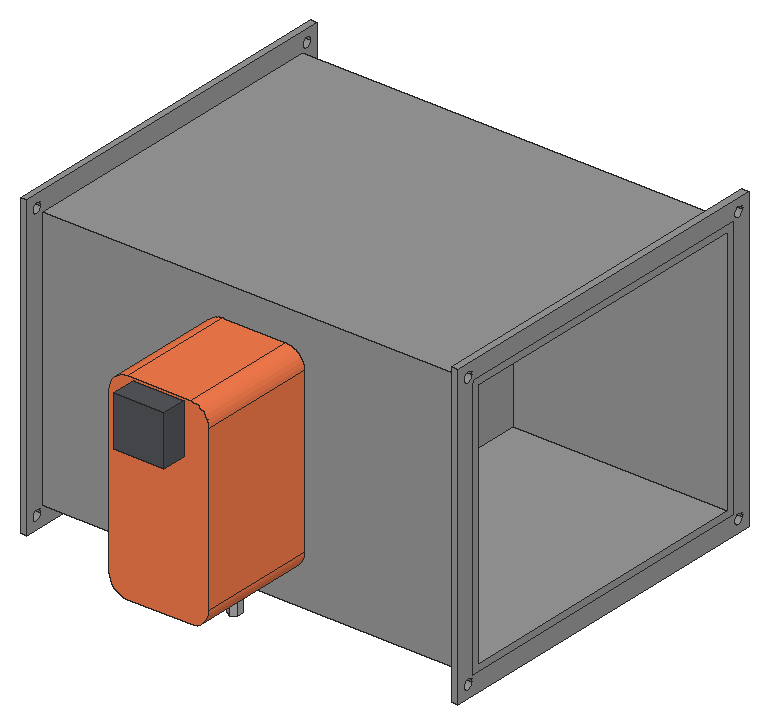
Revit family "КП-2", category Арматура воздуховодов, Revit 2021
Family settings
  Размер круглого соединителя = Использовать диаметр
  Тип детали = Присоединяется
  На основе рабочей плоскости = Нет
  Всегда вертикально = Да
  При загрузке вырезать с полостями = Нет
  Общий = Нет
Parameters (values of type "КП-2-250х200-2-ПВП230Т-СН-1")
  Размещение привода (снаружи) = yes
  Размещение привода (внутри) = no
  Отметка по умолчанию = 0 mm
  Два фланца = yes
  An = A + 10 mm  # 260 mm
  A3 = A / 2  # 125 mm
  A2 = 290 mm
  Вес = "6.2 кг"
  A1 = 270 mm
  Bn = B + 10 mm  # 210 mm
  B3 = B1 / 2  # 110 mm
  B2 = 240 mm
  Voltage = 230 V
  Power = 10 VA
  Maximum Air Flow = 0.0 L/s
  Maintenance zone material = none
  Load Classification = "HVAC"
  Grid Material = Cover Grid Cross
  Casing Material = Металл, окрашенный, белый, матовый RAL 5007
  B1 = 220 mm
  B = 200 mm
  Air Flow [instance] = 0.0 L/s
  A = 250 mm
  09_System_Name [instance] = ""
  00_20_Type = "КП-2-250х200-2-ПВП230Т-СН-1"
  00_20_Name = "Клапан протипожежний вогнезатримувальний"
  00_20_Manufacturer = "Вентс"  # constant formula
Types (22, lengths in mm): name | An | A3 | A2 | Вес | A1 | Bn | B3 | B2 | Power | B1 | B | A | 00_20_Type
  (no name) | 260 | 125 | 290 | "6.2 кг" | 270 | 210 | 110 | 240 | 10 VA | 220 | 200 | 250 | "КП-2-250х200-2-ПВП230Т-СН-1"
  КП-2-200х200-2-ПВП230Т-СН-1 | 210 | 100 | 240 | "5.7 кг" | 220 | 210 | 110 | 240 | 6.5 VA | 220 | 200 | 200 | "КП-2-200х200-2-ПВП230Т-СН-1"
  КП-2-1000х1000-2-ПВП230Т-СН-1 | 1010 | 500 | 1060 | "58 кг" | 1030 | 1010 | 515 | 1060 | 11 VA | 1030 | 1000 | 1000 | "КП-2-1000х1000-2-ПВП230Т-СН-1"
  КП-2-250х200-2-ПВП230Т-СН-1 | 260 | 125 | 290 | "6.2 кг" | 270 | 210 | 110 | 240 | 10 VA | 220 | 200 | 250 | "КП-2-250х200-2-ПВП230Т-СН-1"
  КП-2-250х250-2-ПВП230Т-СН-1 | 260 | 125 | 290 | "6.9 кг" | 270 | 260 | 135 | 290 | 10 VA | 270 | 250 | 250 | "КП-2-250х250-2-ПВП230Т-СН-1"
  КП-2-300х200-2-ПВП230Т-СН-1 | 310 | 150 | 340 | "6.8 кг" | 320 | 210 | 110 | 240 | 10 VA | 220 | 200 | 300 | "КП-2-300х200-2-ПВП230Т-СН-1"
  КП-2-300х250-2-ПВП230Т-СН-1 | 310 | 150 | 340 | "7.5 кг" | 320 | 260 | 135 | 290 | 10 VA | 270 | 250 | 300 | "КП-2-300х250-2-ПВП230Т-СН-1"
  КП-2-300х300-2-ПВП230Т-СН-1 | 310 | 150 | 340 | "9.2 кг" | 320 | 310 | 160 | 340 | 10 VA | 320 | 300 | 300 | "КП-2-300х300-2-ПВП230Т-СН-1"
  КП-2-400х250-2-ПВП230Т-СН-1 | 410 | 200 | 440 | "9 кг" | 420 | 260 | 135 | 290 | 10 VA | 270 | 250 | 400 | "КП-2-400х250-2-ПВП230Т-СН-1"
  КП-2-400х300-2-ПВП230Т-СН-1 | 410 | 200 | 440 | "10.8 кг" | 420 | 310 | 160 | 340 | 10 VA | 320 | 300 | 400 | "КП-2-400х300-2-ПВП230Т-СН-1"
  КП-2-400х400-2-ПВП230Т-СН-1 | 410 | 200 | 440 | "12.6 кг" | 420 | 410 | 210 | 440 | 10 VA | 420 | 400 | 400 | "КП-2-400х400-2-ПВП230Т-СН-1"
  КП-2-500х300-2-ПВП230Т-СН-1 | 510 | 250 | 540 | "12.3 кг" | 520 | 310 | 160 | 340 | 10 VA | 320 | 300 | 500 | "КП-2-500х300-2-ПВП230Т-СН-1"
  КП-2-500х400-2-ПВП230Т-СН-1 | 510 | 250 | 540 | "14.3 кг" | 520 | 410 | 210 | 440 | 10 VA | 420 | 400 | 500 | "КП-2-500х400-2-ПВП230Т-СН-1"
  КП-2-500х500-2-ПВП230Т-СН-1 | 510 | 250 | 560 | "23 кг" | 530 | 510 | 265 | 560 | 10 VA | 530 | 500 | 500 | "КП-2-500х500-2-ПВП230Т-СН-1"
  КП-2-600х400-2-ПВП230Т-СН-1 | 610 | 300 | 640 | "16.2 кг" | 620 | 410 | 210 | 440 | 10 VA | 420 | 400 | 600 | "КП-2-600х400-2-ПВП230Т-СН-1"
  КП-2-600х500-2-ПВП230Т-СН-1 | 610 | 300 | 660 | "25.6 кг" | 630 | 510 | 265 | 560 | 11 VA | 530 | 500 | 600 | "КП-2-600х500-2-ПВП230Т-СН-1"
  КП-2-600х600-2-ПВП230Т-СН-1 | 610 | 300 | 660 | "28.6 кг" | 630 | 610 | 315 | 660 | 11 VA | 630 | 600 | 600 | "КП-2-600х600-2-ПВП230Т-СН-1"
  КП-2-800х500-2-ПВП230Т-СН-1 | 810 | 400 | 860 | "31.3 кг" | 830 | 510 | 265 | 560 | 11 VA | 530 | 500 | 800 | "КП-2-800х500-2-ПВП230Т-СН-1"
  КП-2-800х600-2-ПВП230Т-СН-1 | 810 | 400 | 860 | "34.7 кг" | 830 | 610 | 315 | 660 | 11 VA | 630 | 600 | 800 | "КП-2-800х600-2-ПВП230Т-СН-1"
  КП-2-800х800-2-ПВП230Т-СН-1 | 810 | 400 | 860 | "42 кг" | 830 | 810 | 415 | 860 | 11 VA | 830 | 800 | 800 | "КП-2-800х800-2-ПВП230Т-СН-1"
  КП-2-1000х600-2-ПВП230Т-СН-1 | 1010 | 500 | 1060 | "40.7 кг" | 1030 | 610 | 315 | 660 | 11 VA | 630 | 600 | 1000 | "КП-2-1000х600-2-ПВП230Т-СН-1"
  КП-2-1000х800-2-ПВП230Т-СН-1 | 1010 | 500 | 1060 | "50.2 кг" | 1030 | 810 | 415 | 860 | 11 VA | 830 | 800 | 1000 | "КП-2-1000х800-2-ПВП230Т-СН-1"
Reference planes
  plane 1 "По центру (Вперед/Назад)": y = 0
  plane 2: z = 0
  plane 3 "По центру (Влево/Вправо)": x = 0
  plane 4: z = 110
  plane 5: z = -110
  plane 6: y = 135
  plane 7: y = -135
Forms (mm)
  Extrusion 1, solid, material "Сталь, гальванизированная", visible <- "Два фланца"
    sketch origin (0, 0, 0) x (0, 1, 0) y (0, 0, 1)
      loop
        line (130, -105) -> (130, 105) -> (-130, 105) -> (-130, -105) -> (130, -105)
      loop
        line (145, -120) -> (145, 120) -> (-145, 120) -> (-145, -120) -> (145, -120)
      loop
        circle (135, 110) r 4.25
      loop
        circle (-135, 110) r 4.25
      loop
        circle (-135, -110) r 4.25
      loop
        circle (135, -110) r 4.25
    from 170 to 175
  Extrusion 2, solid, material "Сталь, гальванизированная"
    sketch origin (0, 0, 0) x (0, 1, 0) y (0, 0, 1)
      loop
        line (125, -100) -> (125, 100) -> (-125, 100) -> (-125, -100) -> (125, -100)
      loop
        line (145, -120) -> (145, 120) -> (-145, 120) -> (-145, -120) -> (145, -120)
      loop
        circle (135, -110) r 4.25
      loop
        circle (-135, -110) r 4.25
      loop
        circle (-135, 110) r 4.25
      loop
        circle (135, 110) r 4.25
    from -170 to -175
  Extrusion 3, solid, material "Сталь, гальванизированная"
    sketch origin (0, 0, 0) x (0, 1, 0) y (0, 0, 1)
      loop
        line (125, -100) -> (125, 100) -> (-125, 100) -> (-125, -100) -> (125, -100)
      loop
        line (130, -105) -> (130, 105) -> (-130, 105) -> (-130, -105) -> (130, -105)
    from -170 to 175
  Extrusion 4, solid, material "Сталь, гальванизированная"
    sketch origin (0, 0, 0) x (0, 1, 0) y (0, 0, 1)
      loop
        line (125, -100) -> (125, 100) -> (-125, 100) -> (-125, -100) -> (125, -100)
    from 2.5 to -2.5
Dimensions and locks
  equal spacing: Extrusion 1 sketch curve, level, Extrusion 1 sketch curve  (x2)
  equal spacing: Extrusion 1 sketch curve, plane 1 "По центру (Вперед/Назад)", Extrusion 1 sketch curve  (x2)
  "An": Extrusion 1 sketch curve to Extrusion 1 sketch curve
  "Bn": Extrusion 1 sketch curve to Extrusion 1 sketch curve
  "A2": Extrusion 1 sketch curve to Extrusion 1 sketch curve
  "B2": Extrusion 1 sketch curve to Extrusion 1 sketch curve
  equal spacing: plane 4, level, plane 5
  "B1": plane 4 to plane 5
  equal spacing: plane 6, plane 1 "По центру (Вперед/Назад)", plane 7
  "A1": plane 6 to plane 7
  equal spacing: Extrusion 2 sketch curve, plane 1 "По центру (Вперед/Назад)", Extrusion 2 sketch curve  (x2)
  "A": Extrusion 2 sketch curve to Extrusion 2 sketch curve
  "A2": Extrusion 2 sketch curve to Extrusion 2 sketch curve
  equal spacing: Extrusion 2 sketch curve, level, Extrusion 2 sketch curve  (x2)
  "B": Extrusion 2 sketch curve to Extrusion 2 sketch curve
  "B2": Extrusion 2 sketch curve to Extrusion 2 sketch curve
  equal spacing: Extrusion 3 sketch curve, plane 1 "По центру (Вперед/Назад)", Extrusion 3 sketch curve  (x2)
  "A": Extrusion 3 sketch curve to Extrusion 3 sketch curve
  equal spacing: Extrusion 3 sketch curve, level, Extrusion 3 sketch curve  (x2)
  "B": Extrusion 3 sketch curve to Extrusion 3 sketch curve
  "Bn": Extrusion 3 sketch curve to Extrusion 3 sketch curve
  "An": Extrusion 3 sketch curve to Extrusion 3 sketch curve
  equal spacing: Extrusion 4 sketch curve, plane 1 "По центру (Вперед/Назад)", Extrusion 4 sketch curve
  "A": Extrusion 4 sketch curve to Extrusion 4 sketch curve
  equal spacing: Extrusion 4 sketch curve, level, Extrusion 4 sketch curve
  "B": Extrusion 4 sketch curve to Extrusion 4 sketch curve
  "B3": nested 1 to plane 5
  "B3": plane 4 to nested 2
  "A3": nested 2 to plane 1 "По центру (Вперед/Назад)"
  aligned and locked: level to plane 2
  aligned and locked: Extrusion 3 to Extrusion 2
Automatic sketch dimensions
  Extrusion 1 sketch curve to plane 4 = 0 mm  (x2)
  Extrusion 1 sketch curve to plane 7 = 0 mm  (x2)
  Extrusion 1 sketch curve to plane 5 = 0 mm  (x2)
  Extrusion 1 sketch curve to plane 6 = 0 mm  (x2)
  Extrusion 2 sketch curve to plane 5 = 0 mm  (x2)
  Extrusion 2 sketch curve to plane 7 = 0 mm  (x2)
  Extrusion 2 sketch curve to plane 4 = 0 mm  (x2)
  Extrusion 2 sketch curve to plane 6 = 0 mm  (x2)
  radius of Extrusion 1 sketch curve = 4.25 mm  (x4)
  radius of Extrusion 2 sketch curve = 4.25 mm  (x4)
Nested families
  nested 1: "ADSK_Электропривод" at (0, -130, 0) x (1, 0, 0) z (0, -1, 0), visible <- "Размещение привода (снаружи)", type "BLF"
  nested 2: "ADSK_Электропривод" at (42.5, -10, 0) x (1, 0, 0) z (0, -1, 0), visible <- "Размещение привода (внутри)", type "BLF"
Connectors
  hvac at (175, 0, 0), driven by "A", driven by "B"
    settings: on Extrusion 3, index 1, duct flow 0.0 L/s, flow factor 0, pres drop 0.0 Pa, loss coef 0, conn angle 0.00°, conn width 200 mm, conn height 250 mm, conn diameter 609.6 mm, duct sys type 3, conn prof type 1, flow config 0, flow direction 2, loss method 0, conn ref index -1, conn util no, is conn primary yes, conn desc ""
  hvac at (-175, 0, 0), driven by "A", driven by "B"
    settings: on Extrusion 2, index 2, duct flow 0.0 L/s, flow factor 0, pres drop 0.0 Pa, loss coef 0, conn angle 0.00°, conn width 200 mm, conn height 250 mm, conn diameter 609.6 mm, duct sys type 3, conn prof type 1, flow config 0, flow direction 1, loss method 0, conn ref index -1, conn util no, is conn primary no, conn desc ""
Definition of nested family "ADSK_Электропривод"
  Parameters (values of type "BLF")
    Default Elevation = 1219.2 mm
    Материал корпуса = none
    Материал коробки = none
  Reference planes
    plane 1 "По центру (Вперед/Назад)": y = 0
    plane 2: z = 0
    plane 3 "По центру (Влево/Вправо)": x = 0
  Forms (mm)
    Extrusion 1, solid, material <- "Материал корпуса"
      sketch origin (0, -1.292, 0) x (1, 0, 0) y (0, 1, 0)
        loop
          arc (-25, 81.292) -> (-35.607, 76.899) -> (-40, 66.292) r 15
          line (-40, 66.292) -> (-40, -63.708)
          arc (-40, -63.708) -> (-35.607, -74.314) -> (-25, -78.708) r 15
          line (-25, -78.708) -> (25, -78.708)
          arc (25, -78.708) -> (35.607, -74.314) -> (40, -63.708) r 15
          line (40, -63.708) -> (40, 66.292)
          arc (40, 66.292) -> (35.607, 76.899) -> (25, 81.292) r 15
          line (25, 81.292) -> (-25, 81.292)
      from 0 to 95
    Extrusion 2, solid, material <- "Материал коробки"
      sketch origin (0, -1.292, 105) x (1, 0, 0) y (0, 1, 0)
        loop
          line (-20, 79.66) -> (-20, 39.66) -> (20, 39.66) -> (20, 79.66) -> (-20, 79.66)
      from -10 to 10
    Extrusion 3, solid
      sketch origin (-5, -80, -46.965) x (1, 0, 0) y (0, 0, -1)
        loop
          line (-10, -80) -> (-14.33, -82.5) -> (-14.33, -87.5) -> (-10, -90) -> (-5.67, -87.5) -> (-5.67, -82.5) -> (-10, -80)
      from 0 to -20
    Extrusion 4, solid
      sketch origin (5, -80, -46.965) x (-1, 0, 0) y (0, 0, 1)
        loop
          line (-10, 80) -> (-5.67, 82.5) -> (-5.67, 87.5) -> (-10, 90) -> (-14.33, 87.5) -> (-14.33, 82.5) -> (-10, 80)
      from 0 to -20
    Extrusion 5, solid
      sketch origin (0, 0, 0) x (1, 0, 0) y (0, 1, 0)
        loop
          circle (0, 58.367) r 6
      from 0 to -70
  Dimensions and locks
    equal spacing: Extrusion 1, plane 1 "По центру (Вперед/Назад)", Extrusion 1
    Extrusion 1 to Extrusion 1 = 160 mm
    level to Extrusion 2 = 115 mm
    aligned and locked: level to plane 2
    aligned and locked: Extrusion 2 to Extrusion 1
  Automatic sketch dimensions
    Extrusion 1 sketch curve to plane 3 "По центру (Влево/Вправо)" = 40 mm
    Extrusion 1 sketch curve to Extrusion 1 sketch curve = 15 mm  (x3)
    plane 3 "По центру (Влево/Вправо)" to Extrusion 1 sketch curve = 25 mm  (x2)
    plane 1 "По центру (Вперед/Назад)" to Extrusion 1 sketch curve = 80 mm
    Extrusion 1 sketch curve to plane 1 "По центру (Вперед/Назад)" = 65 mm
    Extrusion 2 sketch curve to plane 3 "По центру (Влево/Вправо)" = 20 mm
    plane 3 "По центру (Влево/Вправо)" to Extrusion 2 sketch curve = 20 mm
    Extrusion 2 sketch curve to plane 1 "По центру (Вперед/Назад)" = 38.367 mm
    Extrusion 2 sketch curve to Extrusion 2 sketch curve = 40 mm
    Extrusion 3 sketch curve to plane 3 "По центру (Влево/Вправо)" = 19.33 mm
    Extrusion 3 sketch curve to Extrusion 3 sketch curve = 4.33 mm  (x3)
    level to Extrusion 3 sketch curve = 43.035 mm
    Extrusion 3 sketch curve to Extrusion 3 sketch curve = 2.5 mm  (x3)
    Extrusion 3 sketch curve to Extrusion 3 sketch curve = 5 mm  (x2)
    plane 3 "По центру (Влево/Вправо)" to Extrusion 4 sketch curve = 19.33 mm
    Extrusion 4 sketch curve to Extrusion 4 sketch curve = 4.33 mm  (x3)
    level to Extrusion 4 sketch curve = 33.035 mm
    Extrusion 4 sketch curve to Extrusion 4 sketch curve = 2.5 mm  (x3)
    Extrusion 4 sketch curve to Extrusion 4 sketch curve = 5 mm  (x2)
    Extrusion 5 sketch curve to plane 3 "По центру (Влево/Вправо)" = 0 mm
    Extrusion 5 sketch curve to plane 1 "По центру (Вперед/Назад)" = 58.367 mm
    radius of Extrusion 5 sketch curve = 6 mm
